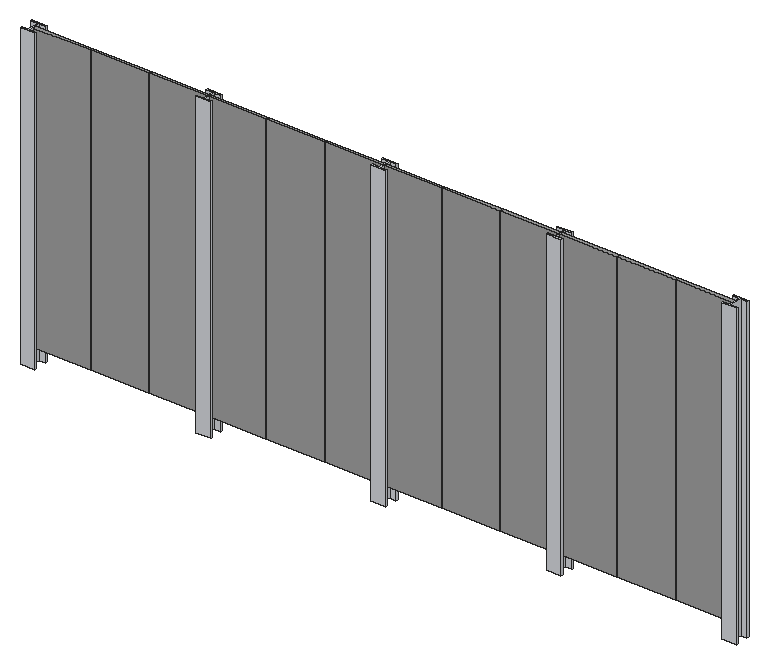
Revit family "Fencing family overall", category Generic Models, Revit 2021
Family settings
  Can host rebar = No
  Round Connector Dimension = Use Diameter
  Part Type = Normal
  Work Plane-Based = Yes
  Always vertical = Yes
  Cut with Voids When Loaded = No
  Shared = Yes
  Room Calculation Point = No
Parameters (values of type "Fencing array")
  Post material = none
  Post array [instance] = if(Array count < 2, 2, Array count + 1)  # 5
  Panel height = 1030.342 mm
  Panel elevation = 50 mm
  Panel count [instance] = 3
  Panel material = Fencing
  Fencing width [instance] = 2400 mm
  Default Elevation = 1219.2 mm
  Arrayed panel width [instance] = if(Array count < 2, Fencing width, Fencing width / Array count override)  # 600 mm
  Array count override [instance] = if(Array count < 2, 2, Array count)  # 4
  Array count [instance] = 4
  2 or more Panels [instance] = Array count > 1  # yes
  1 Panel [instance] = Array count < 2  # no
Reference planes
  plane 1 "Center (Front/Back)": y = 0
  plane 2: z = 0
  plane 3 "Left": x = 0
  plane 4 "Right": x = 2400
  plane 5 "Center L/S": x = 600
Dimensions and locks
  "Fencing width": plane 3 "Left" to plane 4 "Right"
  equal spacing: group 1, group 2, group 6, group 7  (x3)
  "Arrayed panel width": plane 3 "Left" to plane 5 "Center L/S"
  equal spacing: group 3, group 4, group 5, group 8, group 9  (x3)
  aligned and locked: level to plane 2
  aligned and locked: plane 3 "Left" to nested 1
  aligned and locked: nested 1 to plane 4 "Right"
  aligned and locked: plane 1 "Center (Front/Back)" to nested 1
  aligned and locked: plane 3 "Left" to nested 2
  aligned and locked: plane 5 "Center L/S" to nested 3
  aligned and locked: plane 1 "Center (Front/Back)" to nested 2
  aligned and locked: plane 1 "Center (Front/Back)" to nested 3
  aligned and locked: plane 3 "Left" to nested 4
  aligned and locked: plane 5 "Center L/S" to nested 5
  aligned and locked: plane 1 "Center (Front/Back)" to nested 4
  aligned and locked: plane 1 "Center (Front/Back)" to nested 5
Nested families
  nested 1: "Fence panel array" at (0, 0, 0), visible <- "1 Panel", type "Fence panel"
    with Fencing width 2400 mm, Arrayed panel width 600 mm, Array count override 4, Array count 4, 2 or more Panels yes, 1 Panel no
  nested 2: "Fence panel array" at (0, 0, 0), visible <- "2 or more Panels", Fencing width <- "Arrayed panel width", Array count <- "Panel count", type "Fence panel"
    with Fencing width 600 mm, Arrayed panel width 200 mm, Array count override 3, Array count 3, 2 or more Panels yes, 1 Panel no
  nested 3: "Fence panel array" at (600, 0, 0), visible <- "2 or more Panels", Fencing width <- "Arrayed panel width", Array count <- "Panel count", type "Fence panel"
    with Fencing width 600 mm, Arrayed panel width 200 mm, Array count override 3, Array count 3, 2 or more Panels yes, 1 Panel no
  nested 4: "Fence post" at (0, 0, 0), Post height <- "Panel height", type "Fence post"
    with Post height 1030.342 mm
  nested 5: "Fence post" at (600, 0, 0), Post height <- "Panel height", type "Fence post"
    with Post height 1030.342 mm
  nested 6: "Fence post" at (1200, 0, 0), Post height <- "Panel height", type "Fence post"
    with Post height 1030.342 mm
  nested 7: "Fence panel array" at (1200, 0, 0), visible <- "2 or more Panels", Fencing width <- "Arrayed panel width", Array count <- "Panel count", type "Fence panel"
    with Fencing width 600 mm, Arrayed panel width 200 mm, Array count override 3, Array count 3, 2 or more Panels yes, 1 Panel no
  nested 8: "Fence panel array" at (1800, 0, 0), visible <- "2 or more Panels", Fencing width <- "Arrayed panel width", Array count <- "Panel count", type "Fence panel"
    with Fencing width 600 mm, Arrayed panel width 200 mm, Array count override 3, Array count 3, 2 or more Panels yes, 1 Panel no
  nested 9: "Fence post" at (1800, 0, 0), Post height <- "Panel height", type "Fence post"
    with Post height 1030.342 mm
  nested 10: "Fence post" at (2400, 0, 0), Post height <- "Panel height", type "Fence post"
    with Post height 1030.342 mm
Definition of nested family "Fence panel array"
  Parameters (values of type "Fencing array")
    Panel height = 1030.342 mm
    Panel elevation = 50 mm
    Material = none
    Fencing width [instance] = 2400 mm
    Default Elevation = 0 mm
    Arrayed panel width [instance] = Fencing width / Array count override  # 600 mm
    Array count override [instance] = if(Array count < 2, 2, Array count)  # 4
    Array count [instance] = 4
    2 or more Panels [instance] = Array count > 1  # yes
    1 Panel [instance] = Array count < 2  # no
  Reference planes
    plane 1 "Center (Front/Back)": y = 0
    plane 2: z = 0
    plane 3 "Left": x = 0
    plane 4 "Right": x = 2400
    plane 5 "Center L/S": x = 600
  Dimensions and locks
    "Fencing width": plane 3 "Left" to plane 4 "Right"
    equal spacing: group 1, group 2, group 3, group 4  (x3)
    "Arrayed panel width": plane 3 "Left" to plane 5 "Center L/S"
    aligned and locked: level to plane 2
    aligned and locked: plane 3 "Left" to nested 1
    aligned and locked: nested 1 to plane 4 "Right"
    aligned and locked: plane 1 "Center (Front/Back)" to nested 1
    aligned and locked: plane 3 "Left" to nested 2
    aligned and locked: plane 5 "Center L/S" to nested 3
    aligned and locked: plane 1 "Center (Front/Back)" to nested 2
    aligned and locked: plane 1 "Center (Front/Back)" to nested 3
  Nested families
    nested 1: "Fence panel" at (0, 0, 0), visible <- "1 Panel", type "Fence panel"
      with Panel width 2400 mm
    nested 2: "Fence panel" at (0, 0, 0), visible <- "2 or more Panels", Panel width <- "Arrayed panel width", type "Fence panel"
      with Panel width 600 mm
    nested 3: "Fence panel" at (600, 0, 0), visible <- "2 or more Panels", Panel width <- "Arrayed panel width", type "Fence panel"
      with Panel width 600 mm
    nested 4: "Fence panel" at (1200, 0, 0), visible <- "2 or more Panels", Panel width <- "Arrayed panel width", type "Fence panel"
      with Panel width 600 mm
    nested 5: "Fence panel" at (1800, 0, 0), visible <- "2 or more Panels", Panel width <- "Arrayed panel width", type "Fence panel"
      with Panel width 600 mm
  Definition of nested family "Fence panel"
    Parameters
      Panel width [instance] = 734.548 mm
      Panel height = 1030.342 mm
      Panel elevation = 50 mm
      Fence panel = none
      Default Elevation = 0 mm
    Reference planes
      plane 1 "Center (Front/Back)": y = 0
      plane 2: z = 0
      plane 3 "Left": x = 0
      plane 4 "Right": x = 734.548
      plane 5 "Top": z = 1030.342
      plane 6 "Center L/S": z = 50
    Forms (mm)
      Extrusion 1, solid, material <- "Fence panel"
        sketch origin (0, 0, 0) x (1, 0, 0) y (0, 0, 1)
          loop
            line (0, 1030.342) -> (0, 50) -> (734.548, 50) -> (734.548, 1030.342) -> (0, 1030.342)
        from -5 to 5
    Dimensions and locks
      "Panel width": plane 3 "Left" to plane 4 "Right"
      "Panel height": plane 5 "Top" to level
      "Panel elevation": plane 6 "Center L/S" to plane 2
      aligned and locked: level to plane 2
      aligned and locked: plane 6 "Center L/S" to Extrusion 1 sketch curve
      aligned and locked: plane 3 "Left" to Extrusion 1 sketch curve
      aligned and locked: plane 4 "Right" to Extrusion 1 sketch curve
      aligned and locked: Extrusion 1 sketch curve to plane 5 "Top"
Definition of nested family "Fence post"
  Parameters
    Post height [instance] = 250 mm
    Material = none
    Default Elevation = 0 mm
  Reference planes
    plane 1 "Center (Front/Back)": y = 0
    plane 2: z = 0
    plane 3 "Center (Left/Right)": x = 0
  Forms (mm)
    Extrusion 1, solid, material <- "Material"
      sketch origin (0, 0, 0) x (1, 0, 0) y (0, 1, 0)
        loop
          line (-25, -25) -> (25, -25) -> (25, -20) -> (2.5, -20) -> (2.5, 20) -> (25, 20) -> (25, 25) -> (-25, 25) -> (-25, 20) -> (-2.5, 20) -> (-2.5, -20) -> (-25, -20) -> (-25, -25)
      from 0 to 250 <- "Post height"
  Dimensions and locks
    aligned and locked: level to plane 2
